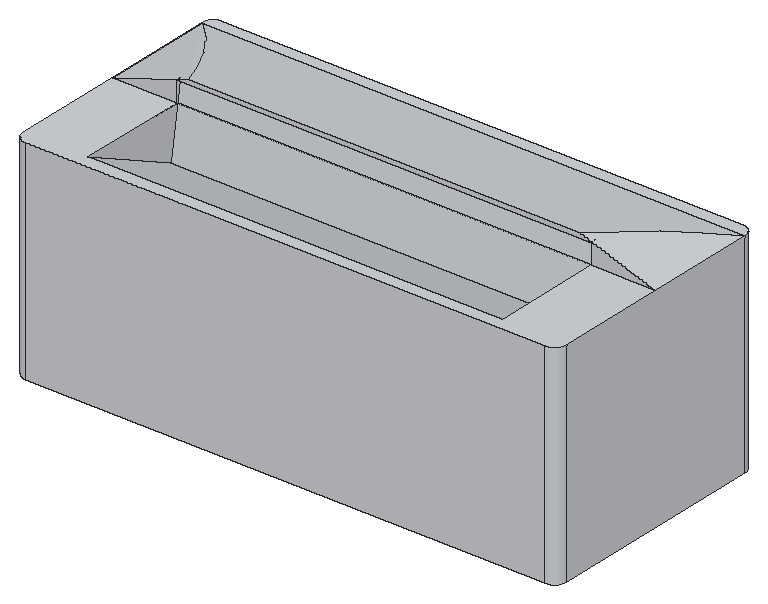
Revit family "Muro_rec_rec", category Lighting Fixtures, Revit 2017
Family settings
  Round Connector Dimension = Use Diameter
  Part Type = Normal
  OmniClass Number = 23.80.70.00
  OmniClass Title = Lighting
  Work Plane-Based = No
  Always vertical = Yes
  Cut with Voids When Loaded = No
  Light Source = Yes
  Shared = No
  Room Calculation Point = No
Parameters (values of type "2824203 MURO RECESSED RECT IP66 450LM 840 GR")
  Weight = "6.8 kg"
  Wattage = 9.2 W
  WarrantyStartDate [instance] = "n/a"
  WarrantyGuarantorParts = "n/a"
  WarrantyDurationUnit = "n/a"
  WarrantyDurationParts = "n/a"
  WarrantyDescription = "n/a"
  WIDTH_SYL = 137.5 mm
  built-in parameter 1150110 = 1 (stored number, unit not read)
  Voltage = 0 V
  URL = "http://www.sylvania-lighting.com"
  TypeName = "Muro Recessed Rectangular IP66 450lm 840 Grey"
  built-in parameter 1114217 = 1 (stored number, unit not read)
  Tilt Angle = -90.00°
  built-in parameter 1150109 = 1 (stored number, unit not read)
  built-in parameter 1150134 = 12
  built-in parameter 1150113 = 1 (stored number, unit not read)
  SerialNumber [instance] = "n/a"
  PowerFactor = 0
  PowerConsumption = "9.2 W"
  Photometric Web File = "2824203_V1.IES"
  NominalWidth = 0 mm
  NominalLength = 275 mm
  NominalHeight = 120 mm
  Name = "Muro Recessed Rectangular IP66 450lm 840 Grey"
  ModelReference = "Muro Recessed Rectangular IP66 450lm 840 Grey"
  ModelNumber = "2824203"
  Model = "Muro Recessed Rectangular IP66 450lm 840 Grey"
  Material_4_FEILO = none
  Material_3_FEILO = none
  Material_2_FEILO = none
  Material_1_FEILO = none
  Material = "n/a"
  ManufacturerName = "Feilo Sylvania"
  Manufacturer = "Feilo Sylvania"
  LuminousEfficacy = "49 lm/W"
  Lumens = 450.8 lm
  LuminaireType = ""
  built-in parameter 1150115 = 1 (stored number, unit not read)
  built-in parameter 1150105 = 356.41 (stored number, unit not read)
  LightOutputRatio = "n/a"
  built-in parameter 1150137 = (empty or 0)
  built-in parameter 1150139 = (empty or 0)
  LampsType = "LED"
  LampNominalLuminous = "450 lm"
  LampMacAdamStep = "3"
  LampColourTemperature = "4000 K"
  LampColourRenderingIndex = "80"
  built-in parameter 1150112 = 1 (stored number, unit not read)
  built-in parameter 1150114 = 1 (stored number, unit not read)
  Lamp = "LED"
  Keynote = "16500"
  InstallationDate [instance] = "n/a"
  InputVoltage = "n/a"
  InputNominalFrequency = "n/a"
  built-in parameter 1150132 = 2
  built-in parameter 1150102 = (empty or 0)
  built-in parameter 1150138 = (empty or 0)
  built-in parameter 1150107 = 4000 (stored number, unit not read)
  IngressProtection = "IP66"
  ImpactProtectionIndex = "IK08"
  built-in parameter 1150106 = 3.5641 (stored number, unit not read)
  IfcExportType = "IfcLightFixtureType"
  IfcExportAs = "IfcLightFixtureType"
  HEIGHT_SYL = 62.5 mm
  ElectricShockClassification = "Class I"
  built-in parameter 1150104 = 4.5522 (stored number, unit not read)
  DocumentationLiterature = "http://www.sylvania-lighting.com/product/en-int/products/2824203"
  DimmingControlOptions = "n/a"
  Dimming Lamp Color Temperature Shift = <None>
  Description = "-"
  DEPTH_SYL = 120 mm
  CreatedOn = "3/3/2021"
  CreatedBy = "@sylvania-lighting.com"
  Color Filter = 16777215
  ClassificationValue = "EF_70_80"
  ClassificationName = "Uniclass2015"
  CUT_WIDT_SYL = 4 mm
  CUT_DIST_SYL = 2 mm
  CUTDEPTH_SYL = 38 mm
  CHAMF_SYL = 6 mm
  BarCode [instance] = "n/a"
  built-in parameter 1114218 = 1 (stored number, unit not read)
  built-in parameter 1150133 = 10 (stored number, unit not read)
  AssetType = "Fixed"
  AssetIdentifier [instance] = "n/a"
  Assembly Code = "D5020200"
  Apparent Load = 9.2 VA
Types (2, lengths in mm): name | Wattage | TypeName | built-in parameter 1150134 | PowerConsumption | Photometric Web File | Name | ModelReference | ModelNumber | Model | LuminousEfficacy | Lumens | built-in parameter 1150105 | LampNominalLuminous | LampColourTemperature | built-in parameter 1150107 | built-in parameter 1150106 | built-in parameter 1150104 | DocumentationLiterature | Apparent Load
  2824203 MURO RECESSED RECT IP66 450LM 840 GR | 9.2 W | "Muro Recessed Rectangular IP66 450lm 840 Grey" | 12 | "9.2 W" | "2824203_V1.IES" | "Muro Recessed Rectangular IP66 450lm 840 Grey" | "Muro Recessed Rectangular IP66 450lm 840 Grey" | "2824203" | "Muro Recessed Rectangular IP66 450lm 840 Grey" | "49 lm/W" | 450.8 lm | 356.41 (stored number, unit not read) | "450 lm" | "4000 K" | 4000 (stored number, unit not read) | 3.5641 (stored number, unit not read) | 4.5522 (stored number, unit not read) | "http://www.sylvania-lighting.com/product/en-int/products/2824203" | 9.2 VA
  2824202 MURO RECESSED RECT IP66 420LM 830 GR | 9.5 W | "Muro Recessed Rectangular IP66 420lm 830 Grey" | (empty or 0) | "9.5 W" | "2824202_V1.IES" | "Muro Recessed Rectangular IP66 420lm 830 Grey" | "Muro Recessed Rectangular IP66 420lm 830 Grey" | "2824202" | "Muro Recessed Rectangular IP66 420lm 830 Grey" | "44 lm/W" | 418 lm | 330.48 (stored number, unit not read) | "420 lm" | "3000 K" | 3000 (stored number, unit not read) | 3.3048 (stored number, unit not read) | 4.0877 (stored number, unit not read) | "http://www.sylvania-lighting.com/product/en-int/products/2824202" | 9.5 VA
Reference planes
  plane 1 "Light Source Axis (F/B)": y = 0
  plane 2: z = 0
  plane 3 "Light Source Axis (L/R)": x = 0
  plane 4 "Light Source Elevation": z = -51.816
  plane 5: x = 137.5
  plane 6: x = -137.5
  plane 7: y = -62.5
  plane 8: y = 62.5
  plane 9: z = 120
  plane 10: y = 87.5
  plane 11: z = 82
  plane 12: y = -4
  plane 13: x = -131.5
  plane 14: x = 131.5
  plane 15: y = 56.5
  plane 16: y = -56.5
  plane 17: z = 118
  plane 18: y = 2
Forms (mm)
  Extrusion 1, solid
    sketch origin (0, 0, 0) x (1, 0, 0) y (0, 1, 0)
      loop
        arc (-131.584, 62.5) -> (-135.457, 61.083) -> (-137.5, 57.5) r 6
        line (-137.5, 57.5) -> (-137.5, -56.5)
        arc (-137.5, -56.5) -> (-135.743, -60.743) -> (-131.5, -62.5) r 6
        line (-131.5, -62.5) -> (131.5, -62.5)
        arc (131.5, -62.5) -> (135.743, -60.743) -> (137.5, -56.5) r 6
        line (137.5, -56.5) -> (137.5, 56.5)
        arc (137.5, 56.5) -> (135.743, 60.743) -> (131.5, 62.5) r 6
        line (131.5, 62.5) -> (-131.584, 62.5)
    from 0 to 107.5
  Extrusion 2, solid
    sketch origin (0, 0, 0) x (0, 1, 0) y (0, 0, 1)
      loop
        line (0, 120) -> (0, 107.5) -> (56.5, 107.5) -> (0, 120)
    from -137.5 to 137.5
  Blend 3, void
    base sketch origin (0, 0, 0) x (1, 0, 0) y (0, 0, 1)
      loop
        arc (-137.5, 107.5) -> (0, 133.131) -> (137.5, 107.5) r 381.631
        line (137.5, 107.5) -> (137.5, 242.5) -> (-137.5, 242.5) -> (-137.5, 107.5)
    top sketch origin (0, 0, 0) x (1, 0, 0) y (0, 0, 1)
      loop
        arc (-137.5, 107.5) -> (0, 115.247) -> (137.5, 107.5) r 1224.176
        line (137.5, 107.5) -> (137.5, 202.5) -> (-137.5, 202.5) -> (-137.5, 107.5)
    from 0 to -86.5
  Extrusion 4, void
    sketch origin (0, 0, 0) x (0, 1, 0) y (0, 0, 1)
      loop
        line (2, 118) -> (-56.5, 107.5) -> (-4, 82) -> (2, 118)
    from -105 to 105
Cuts and joins
  Blend 3, Extrusion 4 cuts Extrusion 2
  Extrusion 4 cuts Extrusion 1
Dimensions and locks
  "HEIGHT_SYL": plane 7 to plane 1 "Light Source Axis (F/B)" to plane 8
  "WIDTH_SYL": plane 6 to plane 3 "Light Source Axis (L/R)" to plane 5
  "DEPTH_SYL": level to plane 9
  "CUTDEPTH_SYL": plane 11 to plane 9
  "CUT_WIDT_SYL": plane 1 "Light Source Axis (F/B)" to plane 12
  "CHAMF_SYL": plane 7 to plane 16
  "CHAMF_SYL": plane 15 to plane 8
  "CHAMF_SYL": plane 6 to plane 13
  "CHAMF_SYL": plane 14 to plane 5
  "CUT_DIST_SYL": plane 17 to plane 9
  "CUT_DIST_SYL": plane 18 to plane 1 "Light Source Axis (F/B)"
  aligned and locked: level to plane 2
  aligned and locked: plane 8 to Extrusion 1 sketch curve
  aligned and locked: plane 6 to Extrusion 1 sketch curve
  aligned and locked: Extrusion 1 sketch curve to plane 7
  aligned and locked: Extrusion 1 sketch curve to plane 5
  aligned and locked: plane 5 to Extrusion 2
  aligned and locked: Extrusion 2 to plane 6
Automatic sketch dimensions
  plane 6 to Extrusion 1 sketch curve = 5.916 mm
  plane 6 to Extrusion 1 sketch curve = 6 mm
  Extrusion 1 sketch curve to plane 5 = 6 mm  (x2)
  Extrusion 1 sketch curve to Extrusion 1 sketch curve = 6 mm
  Blend 3 sketch curve to plane 6 = 0 mm  (x2)
  Blend 3 sketch curve to plane 3 "Light Source Axis (L/R)" = 0 mm
  Blend 3 sketch curve to plane 5 = 0 mm  (x2)
  Blend 3 sketch curve to level = 248.5 mm
  plane 17 to Blend 3 sketch curve = 10.5 mm  (x2)
  Blend 3 sketch curve to plane 9 = 122.5 mm
  plane 3 "Light Source Axis (L/R)" to Blend 3 sketch curve = 0 mm
  Blend 3 sketch curve to level = 1108.93 mm
  Blend 3 sketch curve to plane 9 = 82.5 mm
  Extrusion 2 sketch curve to plane 1 "Light Source Axis (F/B)" = 0 mm
  Extrusion 2 sketch curve to plane 15 = 0 mm
  plane 9 to Extrusion 2 sketch curve = 0 mm
  plane 17 to Extrusion 2 sketch curve = 10.5 mm
  Extrusion 4 sketch curve to plane 16 = 0 mm
  plane 11 to Extrusion 4 sketch curve = 0 mm
  Extrusion 4 sketch curve to plane 12 = 0 mm
  plane 17 to Extrusion 4 sketch curve = 0 mm
  Extrusion 4 sketch curve to plane 18 = 0 mm
  plane 17 to Extrusion 4 sketch curve = 10.5 mm
